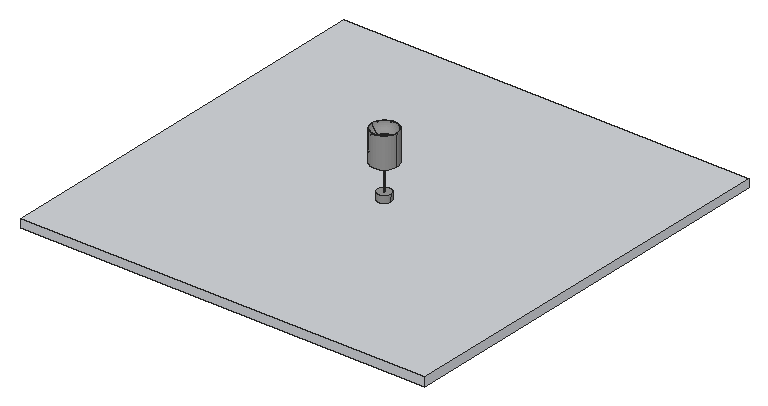
Revit family "LAMP_KOMBIC 150 SURFACE TW OPTIC", category Luminarias, Revit 2018
Family settings
  Anfitrión = Cara
  Cota de conector redondo = Diámetro de uso
  Tipo de pieza = Normal
  Corte con vacíos al cargar = No
  Origen de luz = Sí
  Compartido = No
  Punto de cálculo de habitación = No
Parameters (values of type "1413LM 2700-5000K DALI B/B")
  Ángulo de inclinación = -90.00°
  Weight = 1.738 kg
  UGR = "19"
  Type = "COB BRIDGELUX"
  Protection rating = "IP40"
  Product datasheet = "http://www.lamp.es/product-files/TECH/K21SF3040WF9TWDBB-EN.pdf"
  Product code = "K21SF3040WF9TWDBB"
  Product URL = "https://www.lamp.es/en/family/kombic-surface_474354"
  Power Supply = "220-240V 50/60Hz"
  Power = 20 W
  Plum = 23.6 W
  Modelo = Product code  # "K21SF3040WF9TWDBB"
  Model explanation = "Possibility of chossing between surface or suspended within the model"
  Material reflector = LAMP_PC Reflector Kombic Metalizado Negro
  Material floron = LAMP_Plástico genérico NG
  Material difusor = LAMP_PMMA Difusor Kombic
  Material cuerpo = LAMP_Plástico genérico NG
  Material cable suspension = LAMP_Acero genérico
  Manufacturer name = "LAMP"
  Manufacturer country = "Spain"
  Manufacturer URL = "http://www.lamp.es/en"
  MacAdam = "3"
  Luminaire type = "Suspended"
  Last update = "14/10/2021"
  Lamp = "COB LED"
  LED Lifetime = "50.000 L80 B10"
  Insulation class = "II"
  Installation instructions = "https://www.lamp.es/product-files/packed/by-family/474354_INS_all.zip"
  Initial color = "2700-5000"
  IEE = "A"
  Height suspension [instance] = 200 mm
  Height distance [instance] = if(Surface, 0.1 mm, if(Ceiling rose, if(Height suspension > 38 mm, if(Height suspension < 2000 mm, Height suspension, 2000 mm), 38 mm), 37 mm))  # 200 mm
  Wattage = 23.6 W
  built-in parameter 1150107 = 3000 (stored number, unit not read)
  Surface [instance] = no
  built-in parameter 1150110 = 1 (stored number, unit not read)
  built-in parameter 1150109 = 1 (stored number, unit not read)
  built-in parameter 1150112 = 1 (stored number, unit not read)
  built-in parameter 1150113 = 1 (stored number, unit not read)
  built-in parameter 1114218 = 1 (stored number, unit not read)
  built-in parameter 1150137 = (empty or 0)
  built-in parameter 1150132 = 2
  built-in parameter 1150105 = 1549 (stored number, unit not read)
  built-in parameter 1150102 = (empty or 0)
  built-in parameter 1150106 = 15.49 (stored number, unit not read)
  Height = 180 mm
  Gear = "Electronic"
  Lumens = 1413.64 lm
  Finish = "Matte black RAL 9011"
  Color Filter = 16777215
  built-in parameter 1114217 = 1 (stored number, unit not read)
  built-in parameter 1150139 = (empty or 0)
  Fabricante = Manufacturer name  # "LAMP"
  Default Elevation = 1219.2 mm
  built-in parameter 1150104 = 5.5649 (stored number, unit not read)
  Efficacy = 59.9 lm/W
  Diameter = 150 mm
  built-in parameter 1150115 = 1 (stored number, unit not read)
  built-in parameter 1150114 = 1 (stored number, unit not read)
  built-in parameter 1150138 = (empty or 0)
  built-in parameter 1150134 = (empty or 0)
  Ceiling rose [instance] = not(Surface)  # yes
  Dimming Lamp Color Temperature Shift = (empty or 0)
  CRI = "90"
  Archivo de red fotométrica = "K21SF3040WF9TWDBB.IES"
  built-in parameter 1150133 = 10 (stored number, unit not read)
Types (6, lengths in mm): name | Weight | Product datasheet | Product code | Modelo | Material reflector | Material floron | Material cuerpo | built-in parameter 1150105 | built-in parameter 1150106 | Lumens | Finish | built-in parameter 1150104 | Efficacy | Archivo de red fotométrica
  1413LM 2700-5000K DALI B/B | 1.738 kg | "http://www.lamp.es/product-files/TECH/K21SF3040WF9TWDBB-EN.pdf" | "K21SF3040WF9TWDBB" | "K21SF3040WF9TWDBB" | LAMP_PC Reflector Kombic Metalizado Negro | LAMP_Plástico genérico NG | LAMP_Plástico genérico NG | 1549 (stored number, unit not read) | 15.49 (stored number, unit not read) | 1413.64 lm | "Matte black RAL 9011" | 5.5649 (stored number, unit not read) | 59.9 lm/W | "K21SF3040WF9TWDBB.IES"
  1413LM 2700-5000K DALI B/W | 1.738 kg | "http://www.lamp.es/product-files/TECH/K21SF3040WF9TWDBW-EN.pdf" | "K21SF3040WF9TWDBW" | "K21SF3040WF9TWDBW" | LAMP_PC Reflector Kombic Metalizado Negro | LAMP_Plástico genérico BL | LAMP_Plástico genérico BL | 1533.5 (stored number, unit not read) | 15.335 (stored number, unit not read) | 1399.48 lm | "Matte white RAL 9010" | 5.5092 (stored number, unit not read) | 59.3 lm/W | "K21SF3040WF9TWDBW.IES"
  1423LM 2700-5000K DALI M/B | 1.586 kg | "http://www.lamp.es/product-files/TECH/K21SF3040WF9TWDMB-EN.pdf" | "K21SF3040WF9TWDMB" | "K21SF3040WF9TWDMB" | LAMP_PC Reflector Kombic Metalizado Mate | LAMP_Plástico genérico NG | LAMP_Plástico genérico NG | 1559.3 (stored number, unit not read) | 15.593 (stored number, unit not read) | 1423.08 lm | "Matte white RAL 9010" | 5.6021 (stored number, unit not read) | 60.3 lm/W | "K21SF3040WF9TWDMB.IES"
  1423LM 2700-5000K DALI M/W | 1.586 kg | "http://www.lamp.es/product-files/TECH/K21SF3040WF9TWDMW-EN.pdf" | "K21SF3040WF9TWDMW" | "K21SF3040WF9TWDMW" | LAMP_PC Reflector Kombic Metalizado Mate | LAMP_Plástico genérico BL | LAMP_Plástico genérico BL | 1559.3 (stored number, unit not read) | 15.593 (stored number, unit not read) | 1423.08 lm | "Matte black RAL 9011" | 5.6021 (stored number, unit not read) | 60.3 lm/W | "K21SF3040WF9TWDMW.IES"
  1443LM 2700-5000K DALI W/B | 1.586 kg | "http://www.lamp.es/product-files/TECH/K21SF3040WF9TWDWB-EN.pdf" | "K21SF3040WF9TWDWB" | "K21SF3040WF9TWDWB" | LAMP_PC Reflector Kombic Blanco | LAMP_Plástico genérico NG | LAMP_Plástico genérico NG | 1582.6 (stored number, unit not read) | 15.826 (stored number, unit not read) | 1444.32 lm | "Matte white RAL 9010" | 5.6857 (stored number, unit not read) | 61.2 lm/W | "K21SF3040WF9TWDWB.IES"
  1443LM 2700-5000K DALI W/W | 1.586 kg | "http://www.lamp.es/product-files/TECH/K21SF3040WF9TWDWW-EN.pdf" | "K21SF3040WF9TWDWW" | "K21SF3040WF9TWDWW" | LAMP_PC Reflector Kombic Blanco | LAMP_Plástico genérico BL | LAMP_Plástico genérico BL | 1582.6 (stored number, unit not read) | 15.826 (stored number, unit not read) | 1444.32 lm | "Matte black RAL 9011" | 5.6857 (stored number, unit not read) | 61.2 lm/W | "K21SF3040WF9TWDWW.IES"
Reference planes
  plane 1 "Centro (Frontal/Posterior)": y = 0
  plane 2: z = 0
  plane 3 "Centro (Izquierda/Derecha)": x = 0
Forms (mm)
  Extrusion 1, solid
    sketch origin (0, 0, 0) x (1, 0, 0) y (0, 1, 0)
      loop
        line (-1219.2, 1219.2) -> (-1219.2, -1219.2) -> (1219.2, -1219.2) -> (1219.2, 1219.2) -> (-1219.2, 1219.2)
    from 0 to -50
  Extrusion 2, solid, material "LAMP_Plástico genérico NG" <- "Material cuerpo"
    sketch origin (0, 0, 0) x (1, 0, 0) y (0, 1, 0)
      loop
        circle (0, 0) r 77.5
    from 200 to 380
  Extrusion 3, void
    sketch origin (0, 0, 0) x (1, 0, 0) y (0, 1, 0)
      loop
        circle (0, 0) r 76.5
    from 270.588 to 380
  Sweep 4, solid, material "LAMP_PC Reflector Kombic Metalizado Negro" <- "Material reflector"
    path origin (105.103, -251.845, 380) x (1, 0, 0) y (0, 1, 0)
      loop
        circle (-105.103, 251.959) r 48
    profile origin (0, 48.114, 380) x (0, -1, 0) y (0, 0, 1)
      loop
        arc (-28.386, 0) -> (-15.5, -31.664) -> (14.364, -48.3) r 51.542
        line (14.364, -48.3) -> (14.364, -47.3)
        arc (14.364, -47.3) -> (-14.949, -31.098) -> (-27.386, 0) r 49.836
        line (-27.386, 0) -> (-28.386, 0)
  Extrusion 5, solid, material "LAMP_PMMA Difusor Kombic" <- "Material difusor"
    sketch origin (0, 0, 0) x (1, 0, 0) y (0, 1, 0)
      loop
        circle (0, 0) r 33.636
    from 331.7 to 332.7
  Extrusion 6, solid, material "LAMP_Plástico genérico NG" <- "Material floron", visible <- "Ceiling rose"
    sketch origin (0, 0, 0) x (1, 0, 0) y (0, 1, 0)
      loop
        circle (0, 0) r 42
    from 0 to 37
  Extrusion 7, solid, material "LAMP_Acero genérico" <- "Material cable suspension", visible <- "Ceiling rose"
    sketch origin (0, 0, 0) x (1, 0, 0) y (0, 1, 0)
      loop
        circle (0, 0) r 1
    from 37 to 200
Cuts and joins
  Extrusion 3 cuts Extrusion 2
Text (mm)
  text "Any modification of the parameters and properties of the LAMP BIM models must be executed and validated by the LAMP technical department.\nPhone: +34 93 736 68 00\nE-mail: lamp@lamp.es\n\nLAMP reserves the right to modify the technical specifications of its products." at (1856.491, -4316.333, -2622.127), in view "Preview"
Dimensions and locks
  "Height distance": Extrusion 2 to Extrusion 1
  locked: Extrusion 2 to Extrusion 2 at 180
  locked: cut or joined group of Extrusion 2, Extrusion 3 to cut or joined group of Extrusion 2, Extrusion 3 at 109.412
  aligned and locked: plane 2 to Extrusion 1
  aligned and locked: level to Extrusion 1
  aligned and locked: Extrusion 2 to Extrusion 3
  aligned and locked: Extrusion 7 to Extrusion 6
  aligned and locked: Extrusion 7 to cut or joined group of Extrusion 2, Extrusion 3
  aligned and locked: imposter light to cut or joined group of Extrusion 2, Extrusion 3
  aligned and locked: Extrusion 5 to Sweep 4  (x2)
Automatic sketch dimensions
  Extrusion 1 sketch curve to Extrusion 1 sketch curve = 2438.4 mm  (x2)
  plane 1 "Centro (Frontal/Posterior)" to Extrusion 2 sketch curve = 0 mm
  Extrusion 2 sketch curve to plane 3 "Centro (Izquierda/Derecha)" = 0 mm
  plane 1 "Centro (Frontal/Posterior)" to Extrusion 3 sketch curve = 0 mm
  Extrusion 3 sketch curve to plane 3 "Centro (Izquierda/Derecha)" = 0 mm
  plane 1 "Centro (Frontal/Posterior)" to Extrusion 6 sketch curve = 0 mm
  Extrusion 6 sketch curve to plane 3 "Centro (Izquierda/Derecha)" = 0 mm
  plane 1 "Centro (Frontal/Posterior)" to Extrusion 7 sketch curve = 0 mm
  Extrusion 7 sketch curve to plane 3 "Centro (Izquierda/Derecha)" = 0 mm
  Sweep 4 sketch curve to profile plane = 0 mm
  profile plane to Sweep 4 sketch curve = 28.386 mm
  profile plane to Sweep 4 sketch curve = 1.881 mm
  Sweep 4 sketch curve to profile plane = 22.414 mm
  Sweep 4 sketch curve to Sweep 4 sketch curve = 0.681 mm
  Sweep 4 sketch curve to Sweep 4 sketch curve = 1 mm  (x2)
  Sweep 4 sketch curve to profile plane = 14.364 mm
  plane 1 "Centro (Frontal/Posterior)" to Extrusion 5 sketch curve = 0 mm
  Extrusion 5 sketch curve to plane 3 "Centro (Izquierda/Derecha)" = 0 mm
  radius of Extrusion 2 sketch curve = 77.5 mm
  radius of Extrusion 3 sketch curve = 76.5 mm
  radius of Sweep 4 sketch curve = 48 mm
  radius of Extrusion 6 sketch curve = 42 mm
  radius of Extrusion 7 sketch curve = 1 mm
  radius of Extrusion 5 sketch curve = 33.636 mm
Connectors
  electrical at (0, 0, 200)
    settings: on cut or joined group of Extrusion 2, Extrusion 3, index 1, voltage 230 V, apparent load 0 VA, apparent load phase1 0 VA, apparent load phase2 0 VA, apparent load phase3 0 VA, power factor 1, load classification "Otro", number of poles 1, system type 31, power factor state 1, is connector primary yes, connector utility no, sub classification motor no, connector description ""
